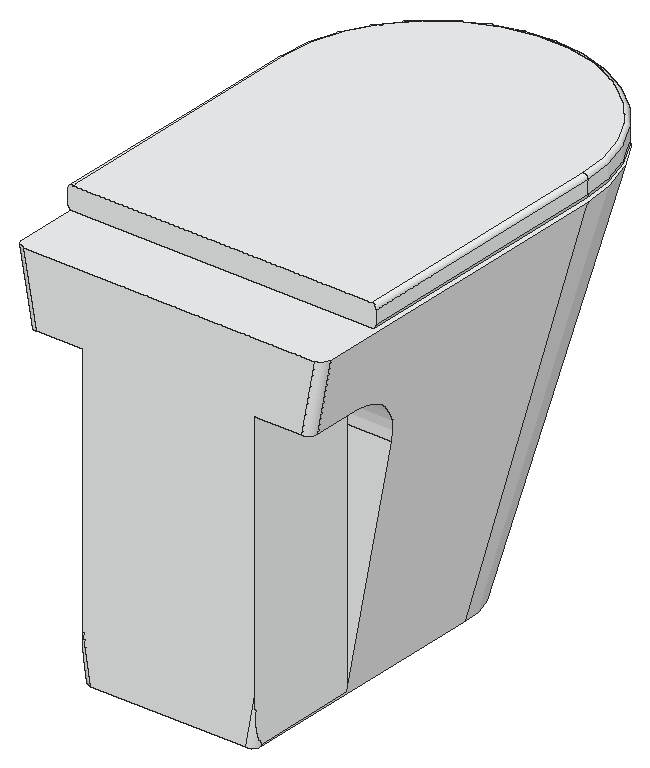
Revit family "Bacia_Valvula_01", category Plumbing Fixtures, Revit 2025
Family settings
  Round Connector Dimension = Use Diameter
  Part Type = Normal
  OmniClass Number = 23.45.00.00
  OmniClass Title = Sanitary, Laundry, and Cleaning Equipment
  Work Plane-Based = No
  Enable Cutting in Views = No
  Always vertical = Yes
  Cut with Voids When Loaded = No
  Maintain Annotation Orientation = No
  Shared = No
  Room Calculation Point = Yes
Parameters
  Material_Louças = CT_Louças_Brancas
  Default Elevation = 0 mm
  Assembly Code = ""
Reference planes
  plane 1 "Center (Front/Back)": y = 0
  plane 2: z = 0
  plane 3 "Center (Left/Right)": x = 0
Forms (mm)
  Blend 1, solid, material "CT_Louças_Brancas" <- "Material_Louças"
    base sketch origin (0, 50, 0) x (1, 0, 0) y (0, 1, 0)
      loop
        line (-87.962, 0) -> (87.663, 0)
        arc (87.663, 0) -> (94.735, 2.929) -> (97.663, 10) r 10
        line (97.663, 10) -> (97.663, 300)
        arc (97.663, 300) -> (-0.149, 397.812) -> (-97.962, 300) r 97.813
        line (-97.962, 300) -> (-97.962, 10)
        arc (-97.962, 10) -> (-95.033, 2.929) -> (-87.962, 0) r 10
    top sketch origin (0, 50, 0) x (1, 0, 0) y (0, 1, 0)
      loop
        line (-164.127, 0) -> (165.873, 0)
        arc (165.873, 0) -> (172.944, 2.929) -> (175.873, 10) r 10
        line (175.873, 10) -> (175.873, 375)
        arc (175.873, 375) -> (0.873, 550) -> (-174.127, 375) r 175
        line (-174.127, 375) -> (-174.127, 10)
        arc (-174.127, 10) -> (-171.198, 2.929) -> (-164.127, 0) r 10
    from 0 to 420
  Extrusion 2, void
    sketch origin (0, -710.523, -2.33) x (0, 1, 0) y (0, 0, 1)
      loop
        line (891.595, 2.33) -> (891.595, 277.33)
        arc (891.595, 277.33) -> (872.557, 323.292) -> (826.595, 342.33) r 65
        line (826.595, 342.33) -> (760.523, 342.33) -> (760.523, 2.33) -> (891.595, 2.33)
    from 98.025 to 167.817
  Extrusion 3, void
    sketch origin (-195.986, -710.523, -2.33) x (0, 1, 0) y (0, 0, 1)
      loop
        line (891.595, 2.33) -> (891.595, 277.33)
        arc (891.595, 277.33) -> (872.557, 323.292) -> (826.595, 342.33) r 65
        line (826.595, 342.33) -> (760.523, 342.33) -> (760.523, 2.33) -> (891.595, 2.33)
    from 32.323 to 98.025
  Extrusion 4, solid, material "CT_Louças_Brancas" <- "Material_Louças"
    sketch origin (0, 50, -127) x (1, 0, 0) y (0, 1, 0)
      loop
        line (-159.796, 75) -> (161.543, 75) -> (161.543, 375)
        arc (161.543, 375) -> (0.873, 535.669) -> (-159.796, 375) r 160.669
        line (-159.796, 375) -> (-159.796, 75)
    from 550 to 575.5
  Sweep 5, solid, material "CT_Louças_Brancas" <- "Material_Louças"
    path origin (0, 50, 0) x (1, 0, 0) y (0, 1, 0)
      loop
        line (175.873, 75) -> (175.873, 375)
        arc (175.873, 375) -> (0.873, 550) -> (-174.127, 375) r 175
        line (-174.127, 375) -> (-174.127, 75)
    profile origin (-174.127, 275, 0) x (1, 0, 0) y (0, 0, 1)
      loop
        line (20.672, 448.5) -> (5, 448.5)
        arc (5, 448.5) -> (1.464, 447.036) -> (0, 443.5) r 5
        line (0, 443.5) -> (0, 428)
        arc (0, 428) -> (1.464, 424.464) -> (5, 423) r 5
        line (5, 423) -> (20.672, 423) -> (20.672, 448.5)
Cuts and joins
  Extrusion 2, Extrusion 3 cuts Blend 1
  joined: Extrusion 4, Sweep 5
Dimensions and locks
  aligned and locked: level to plane 2
